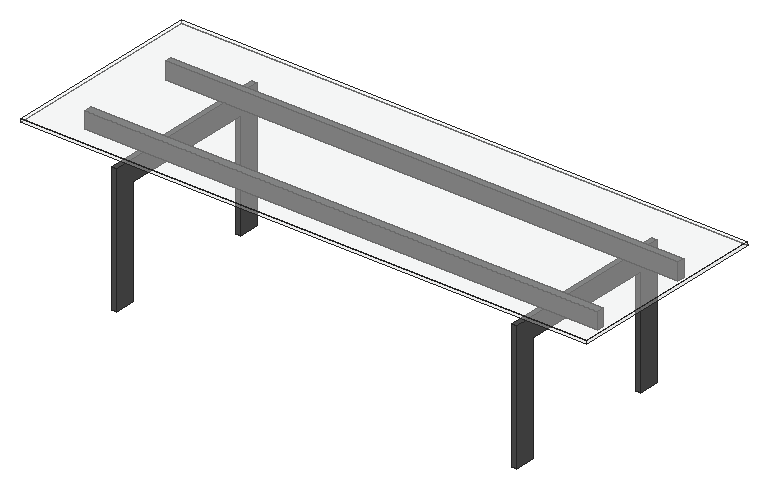
Revit family "9d179900f5614acf91ed2916f8665ff0", category Furniture, Revit 2021
Family settings
  OmniClass Number = 23.40.20.14.17.11
  OmniClass Title = Dining Room Tables
  Seek Item ID = Table-Dining-0000-USA-ENU
  Work Plane-Based = No
  Always vertical = Yes
  Cut with Voids When Loaded = No
  Shared = Yes
  Room Calculation Point = No
Parameters (values of type "30" x 84" x 22"")
  Default Elevation = 0' - 0"
  Assembly Code = "E2020200"
  Base Material = Steel, Chrome Plated
  Height = 1' - 10"
  Length = 7' - 0"
  Top Material = Glass - Clear, Grey
  Width = 2' - 6"
Types (4): name | Height | Length | Width
  (no name) | 1' - 10" | 7' - 0" | 2' - 6"
  30" x 84" x 22" | 1' - 10" | 7' - 0" | 2' - 6"
  30" x 60" x 18" | 1' - 6" | 5' - 0" | 2' - 6"
  24" x 36" x 24" | 2' - 0" | 6' - 0" | 3' - 0"
Reference planes (in)
  plane 1 "Center (Front/Back)": y = 3.74847
  plane 2: z = 0
  plane 3 "Center (Left/Right)": x = 0.71912
  plane 4 "Front": y = -11.25153
  plane 5 "Left": x = -41.28088
  plane 6 "Right": x = 42.71912
  plane 7 "Back": y = 18.74847
  plane 8 "Top": z = 22
Forms (in)
  Extrusion 1, solid, material "Glass - Clear, Grey" <- "Top Material"
    sketch origin (0, 0, 22) x (-1, 0, 0) y (0, -1, 0)
      loop
        line (41.28088, -18.74847) -> (41.28088, 11.25153) -> (-42.71912, 11.25153) -> (-42.71912, -18.74847) -> (41.28088, -18.74847)
    from 0 to -0.5
  Extrusion 2, solid, material "Steel, Chrome Plated" <- "Base Material"
    sketch origin (-41.28088, 0, 0) x (0, 0, -1) y (0, -1, 0)
      loop
        line (0, -16.74847) -> (0, -13.74847) -> (-16, -13.74847) -> (-16, 6.25153) -> (0, 6.25153) -> (0, 9.25153) -> (-19, 9.25153) -> (-19, -16.74847) -> (0, -16.74847)
    from -12 to -12.75
  Extrusion 3, solid, material "Steel, Chrome Plated" <- "Base Material"
    sketch origin (42.71912, 0, 0) x (0, 0, -1) y (0, -1, 0)
      loop
        line (0, -13.74847) -> (-16, -13.74847) -> (-16, 6.25153) -> (0, 6.25153) -> (0, 9.25153) -> (-19, 9.25153) -> (-19, -16.74847) -> (0, -16.74847) -> (0, -13.74847)
    from 12 to 12.75
  Extrusion 4, solid, material "Steel, Chrome Plated" <- "Base Material"
    sketch origin (0, 0, 22) x (-1, 0, 0) y (0, -1, 0)
      loop
        line (37.28088, -11.72372) -> (37.28088, -10.72372) -> (-38.71912, -10.72372) -> (-38.71912, -11.72372) -> (37.28088, -11.72372)
      loop
        line (37.28088, 3.25153) -> (37.28088, 4.25153) -> (-38.71912, 4.25153) -> (-38.71912, 3.25153) -> (37.28088, 3.25153)
    from -0.5 to -3
Lines and regions (in)
  Masking region 1
    outline origin (0, 0, 0) x (1, 0, 0) y (0, 1, 0)
      loop
        line (-41.28088, 18.74847) -> (-41.28088, -11.25153) -> (42.71912, -11.25153) -> (42.71912, 18.74847) -> (-41.28088, 18.74847)
Dimensions and locks (in)
  equal spacing: plane 5 "Left", plane 3 "Center (Left/Right)", plane 6 "Right"
  "Length": plane 5 "Left" to plane 6 "Right"
  equal spacing: plane 4 "Front", plane 1 "Center (Front/Back)", plane 7 "Back"
  "Width": plane 4 "Front" to plane 7 "Back"
  "Height": plane 2 to plane 8 "Top"
  locked: plane 7 "Back" to Extrusion 2 sketch curve at 2
  locked: Extrusion 2 sketch curve to plane 4 "Front" at 2
  locked: Extrusion 2 sketch curve to plane 8 "Top" at 3
  locked: Extrusion 3 sketch curve to plane 8 "Top" at 3
  aligned and locked: level to plane 2
  aligned and locked: Extrusion 3 sketch curve to Extrusion 2  (x2)
  aligned and locked: plane 7 "Back" to Masking region 1 sketch curve
  aligned and locked: Masking region 1 sketch curve to plane 5 "Left"
  aligned and locked: Masking region 1 sketch curve to plane 4 "Front"
  aligned and locked: plane 6 "Right" to Masking region 1 sketch curve
Automatic sketch dimensions
  Extrusion 1 sketch curve to plane 6 "Right" = 0' - 0"
  Extrusion 1 sketch curve to plane 4 "Front" = 0' - 0"
  Extrusion 1 sketch curve to plane 5 "Left" = 0' - 0"
  Extrusion 1 sketch curve to plane 7 "Back" = 0' - 0"
  Extrusion 2 sketch curve to level = 0' - 0"  (x2)
  Extrusion 2 sketch curve to Extrusion 2 sketch curve = 0' - 3"  (x3)
  plane 6 "Right" to Extrusion 4 sketch curve = 0' - 4"  (x2)
  Extrusion 4 sketch curve to plane 5 "Left" = 0' - 4"  (x2)
  Extrusion 4 sketch curve to plane 1 "Center (Front/Back)" = 0' - 7.97525"
  Extrusion 4 sketch curve to Extrusion 4 sketch curve = 0' - 1"  (x2)
  plane 1 "Center (Front/Back)" to Extrusion 4 sketch curve = 0' - 7"
  Extrusion 3 sketch curve to level = 0' - 0"  (x2)
  plane 7 "Back" to Extrusion 3 sketch curve = 0' - 2"
  Extrusion 3 sketch curve to Extrusion 3 sketch curve = 0' - 3"
  Extrusion 3 sketch curve to plane 4 "Front" = 0' - 2"
